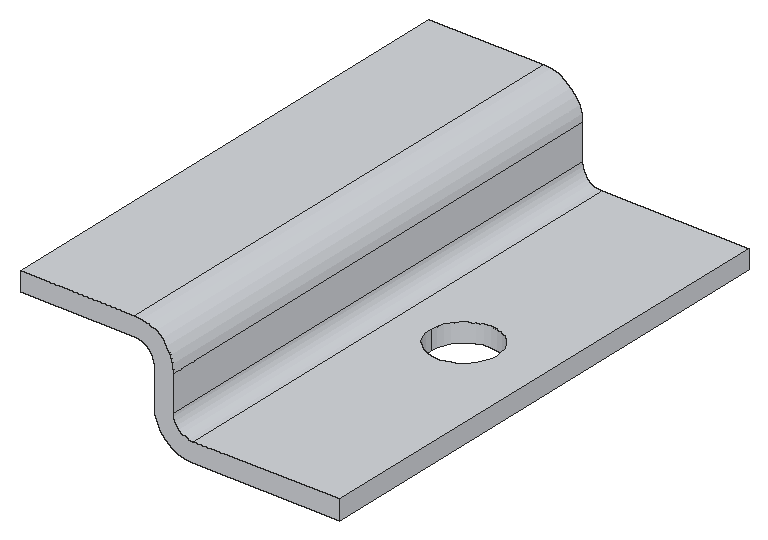
Revit family "Z-Niederhalter 80 mm, Loch 10.5 mm", category HLS-Bauteile, Revit 2017
Family settings
  Bemaßung runder Anschluss = Durchmesser verwenden
  Teiletyp = Normal
  Arbeitsebenenbasiert = Ja
  Immer vertikal = Nein
  Beim Laden mit Abzugskörper schneiden = Nein
  Gemeinsam genutzt = Ja
  Raumberechnungspunkt = Nein
Parameters (values of type "Z Niederhalter 80, 1 Loch 10,5, V4A")
  max. zul. Abhebelast (Paar) = 0.00 kN
  max. Plattenstärke = "12 mm"
  Default Elevation = 1219.2 mm
  Stärke Material 2 = ""
  Stärke Material 1 = "3 mm"
  Regelhalter [instance] = ""
  Profiltyp = ""
  Materialname = "V4A"
  Material = "Edelstahl"
  MD = 3 mm  # constant formula
  Länge = 80 mm
  L = 80 mm  # constant formula
  Kurztext2 = "max. Plattenstärke 12 mm"
  Kurztext1 = "Z-Niederhalter Gleitplatte V4A"
  Höhe = "15 mm"
  Gewicht pro Bauteil = Gewicht  # 0.102 kg
  Gewicht = 0.102 kg
  Firma = "MEFA Befestigungs- und Montagesysteme GmbH"
  Fabrikat = "MEFA"
  EAN = "4250928418555"
  D = 10.5 mm  # constant formula
  Breite = 45 mm
  Befestigungsloch = "10.5 mm"
  Artikelnummer = "0779516"
  Anzahl Befestigungsloch = "1 St"
  Achsabstand Lochung = ""
Types (3, lengths in mm): name | Materialname | Kurztext1 | EAN | Artikelnummer
  (no name) | "V4A" | "Z-Niederhalter Gleitplatte V4A" | "4250928418555" | "0779516"
  Z Niederhalter 80, 1 Loch 10,5, V2A | "V2A" | "Z-Niederhalter Gleitplatte V2A" | "4250928418517" | "0779511"
  Z Niederhalter 80, 1 Loch 10,5, V4A | "V4A" | "Z-Niederhalter Gleitplatte V4A" | "4250928418555" | "0779516"
Reference planes
  plane 1 "Mitte (Vorne/hinten)": y = 0
  plane 2: z = 0
  plane 3 "Mitte (Links/rechts)": x = 0
  plane 4: x = 29
  plane 5: x = -21
  plane 6: z = 14.5
  plane 7: x = 16.5
  plane 8: y = 40
  plane 9: y = -40
Forms (mm)
  Sweep 1, solid
    path origin (0, 0, 0) x (1, 0, 0) y (0, 0, 1)
      loop
        line (29, 0) -> (6, 0)
        arc (6, 0) -> (1.757, 1.757) -> (0, 6) r 6
        line (0, 6) -> (0, 11.5)
        arc (0, 11.5) -> (-0.879, 13.621) -> (-3, 14.5) r 3
        line (-3, 14.5) -> (-21, 14.5)
    profile origin (17.5, 0, 0) x (0, 0, -1) y (0, -1, 0)
      loop
        line (0, 0) -> (0, 40) -> (-3, 40) -> (-3, -40) -> (0, -40) -> (0, 0)
  Extrusion 2, void
    sketch origin (0, 0, 0) x (1, 0, 0) y (0, 1, 0)
      loop
        circle (16.5, 0) r 5.25
    from -50 to 50
Cuts and joins
  Extrusion 2 cuts Sweep 1
Lines and regions (mm)
  model lines, not visible
    curve 1: line (16.5, 0, 12.493) -> (16.5, 0, -7.507)
Dimensions and locks
  equal spacing: plane 8, plane 1 "Mitte (Vorne/hinten)", plane 9, locked at 40 each
  "L": plane 8 to plane 9
  "MD": Sweep 1 sketch curve to Sweep 1 sketch curve
  "D": diameter of Extrusion 2 sketch curve
  aligned and locked: level to plane 2
  aligned and locked: plane 4 to Sweep 1 sketch curve
  aligned and locked: plane 5 to Sweep 1 sketch curve
  aligned and locked: Sweep 1 sketch curve to plane 3 "Mitte (Links/rechts)"
  aligned and locked: Sweep 1 sketch curve to level  (x2)
  aligned and locked: Sweep 1 sketch curve to plane 8
  aligned and locked: Sweep 1 sketch curve to plane 9
  aligned and locked: curve 1 to plane 7
  aligned and locked: curve 1 to plane 1 "Mitte (Vorne/hinten)"
Automatic sketch dimensions
  Sweep 1 sketch curve to plane 3 "Mitte (Links/rechts)" = 3 mm
  plane 3 "Mitte (Links/rechts)" to Sweep 1 sketch curve = 6 mm
  Sweep 1 sketch curve to plane 6 = 0 mm
  curve 1 to level = 7.507 mm
  curve 1 to plane 6 = 2.007 mm
  Sweep 1 sketch curve to plane 1 "Mitte (Vorne/hinten)" = 0 mm
  plane 1 "Mitte (Vorne/hinten)" to Extrusion 2 sketch curve = 0 mm
  Extrusion 2 sketch curve to plane 7 = 0 mm
